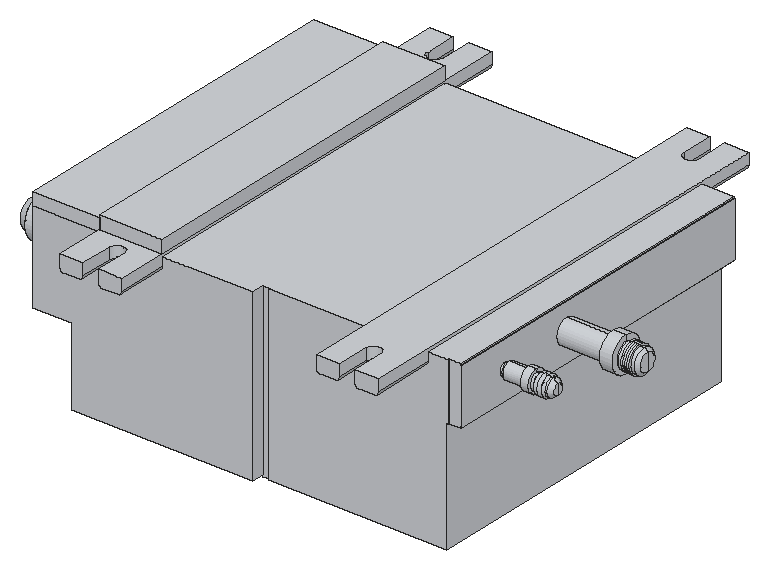
Revit family
Parameters (values of type "AXD-14K400*")
  URL = "http://www.samsungb2b.co.kr"
  Radius_TotalOutlet = Diameter_TotalOutlet * 0.5  # 9.55 mm
  Radius_TotalInlet = Diameter_TotalInlet * 0.5  # 4.75 mm
  Radius_Outlet2To4 = Diameter_Outlet2To4 * 0.5  # 3.2 mm
  Radius_Outlet1 = Diameter_Outlet1 * 0.5  # 3.2 mm
  Radius_Inlet2To4 = Diameter_Inlet2to4 * 0.5  # 6.35 mm
  Radius_Inlet1 = Diameter_Inlet1 * 0.5  # 6.35 mm
  Model = "AXD-14K400*"
  Manufacturer = "SAMSUNG ELECTRONICS CO., LTD."  # constant formula
  EHP-ACC_07 = "AXD-14K400"
  EHP-ACC_06 = ""
  EHP-ACC_05 = "분배 키트"
  EHP-ACC_04 = ""
  EHP-ACC_03 = "설치 액세서리"
  EHP-ACC_02 = 1
  EHP-ACC_01 = ""
  Diameter_TotalOutlet = 19.1 mm
  Diameter_TotalInlet = 9.5 mm
  Diameter_Outlet2To4 = 6.4 mm
  Diameter_Outlet1 = 6.4 mm
  Diameter_Inlet2to4 = 12.7 mm
  Diameter_Inlet1 = 12.7 mm
Types (3, lengths in mm): name | Radius_Outlet1 | Radius_Inlet1 | Model | EHP-ACC_07 | Diameter_Outlet1 | Diameter_Inlet1
  (no name) | 3.2 | 6.35 | "AXD-14K400*" | "AXD-14K400" | 6.4 | 12.7
  AXD-14K400* | 3.2 | 6.35 | "AXD-14K400*" | "AXD-14K400" | 6.4 | 12.7
  AXD-14K318* | 4.75 | 7.95 | "AXD-14K318*" | "AXD-14K318*" | 9.5 | 15.9
Reference planes
  plane 1 "Center (Front/Back)": y = 0
  plane 2: z = 0
  plane 3 "Center (Left/Right)": x = 0
  plane 4: z = 40.9
  plane 5: z = 100.9
  plane 6: z = 110.953
  plane 7: y = 48.287
  plane 8: y = -26.747
  plane 9: y = -86.747
  plane 10: y = 183.235
  plane 11: y = -176.765
  plane 12: y = -1.742
  plane 13: y = -51.771
  plane 14: y = -101.8
Forms (mm)
  Extrusion 1, solid
    sketch origin (0, 0, 0) x (1, 0, 0) y (0, 0, 1)
      loop
        line (-141.02, 0) -> (0, 0) -> (0, -1.064) -> (143.947, -1.064) -> (143.947, 87.007) -> (154.058, 87.007) -> (154.058, 87.805) -> (155.122, 87.805) -> (155.122, 130.909) -> (154.058, 130.909) -> (154.058, 131.973) -> (-171.086, 131.973) -> (-171.086, 60.931) -> (-141.02, 60.931) -> (-141.02, 0)
    from -137.7 to 137.7
  Extrusion 2, void
    sketch origin (0, 0, 0) x (1, 0, 0) y (0, 1, 0)
      loop
        line (-171.086, 96.18) -> (-135.432, 96.18) -> (-135.432, 134.229) -> (-131.973, 134.229) -> (-131.973, 137.7) -> (-171.086, 137.7) -> (-171.086, 96.18)
    from -123.406 to 362.076
  Extrusion 3, void
    sketch origin (0, 0, 0) x (1, 0, 0) y (0, 1, 0)
      loop
        line (0, -142.855) -> (156.575, -142.855) -> (156.575, -127.855) -> (145.011, -127.855) -> (145.011, -128.653) -> (5.055, -128.653) -> (5.055, -127.855) -> (0, -127.855) -> (0, -142.855)
    from -53.759 to 250
  Revolve 4, solid
    sketch origin (188.914, -26.747, 1200) x (-1, 0, 0) y (0, 0, 1)
      loop
        line (33.792, -1079.468) -> (-3.193, -1079.468) -> (-3.193, -1075.477) -> (-13.038, -1075.477) -> (-13.038, -1079.734) -> (-15.432, -1079.734) -> (-15.432, -1078.67) -> (-17.295, -1078.67) -> (-18.093, -1079.468) -> (-18.891, -1078.67) -> (-19.69, -1079.468) -> (-20.488, -1078.67) -> (-21.286, -1079.468) -> (-22.084, -1078.67) -> (-22.882, -1079.468) -> (-23.681, -1078.67) -> (-23.681, -1079.734) -> (-27.14, -1079.734) -> (-29.534, -1082.129) -> (-29.534, -1089.047) -> (33.792, -1089.047) -> (33.792, -1079.468)
      axis (33.792, -1089.047) -> (-29.534, -1089.047)
    angle from 0 to 360
  Revolve 5, solid
    sketch origin (196.896, -86.747, 1200) x (-1, 0, 0) y (0, 0, 1)
      loop
        line (41.774, -1084.257) -> (39.645, -1084.257) -> (37.512, -1082.65) -> (22.616, -1082.65) -> (22.616, -1080.532) -> (16.497, -1080.532) -> (16.497, -1082.395) -> (13.836, -1082.395) -> (12.772, -1081.33) -> (11.452, -1082.65) -> (9.856, -1081.053) -> (8.259, -1082.65) -> (6.662, -1081.052) -> (5.319, -1082.395) -> (3.193, -1082.395) -> (-0.053, -1085.118) -> (-0.053, -1089.047) -> (41.774, -1089.047) -> (41.774, -1084.257)
      axis (41.774, -1089.047) -> (-0.053, -1089.047)
    angle from 0 to 360
  Revolve 6, solid
    sketch origin (-185.987, 48.287, 1200) x (-1, 0, 0) y (0, 0, 1)
      loop
        line (-14.9, -1081.596) -> (-14.9, -1099.1) -> (16.762, -1099.1)
        arc (16.762, -1099.1) -> (16.298, -1097.243) -> (15.427, -1095.539) r 8.452
        line (15.427, -1095.539) -> (15.427, -1088.567) -> (9.614, -1085.605) -> (8.26, -1083.991) -> (0, -1083.991) -> (0, -1081.596) -> (-14.9, -1081.596)
      axis (16.762, -1099.1) -> (-14.9, -1099.1)
    angle from 0 to 360
  Extrusion 7, solid
    sketch origin (-202.576, -1.862, 1200) x (-1, 0, 0) y (0, 0, 1)
      loop
        line (-283.463, -1066.164) -> (-331.623, -1066.164) -> (-331.623, -1075.211)
        arc (-331.623, -1075.211) -> (-330.766, -1077.28) -> (-328.696, -1078.137) r 2.927
        line (-328.696, -1078.137) -> (-316.723, -1078.404)
        arc (-316.723, -1078.404) -> (-314.465, -1077.468) -> (-313.53, -1075.211) r 3.193
        line (-313.53, -1075.211) -> (-301.556, -1075.211)
        arc (-301.556, -1075.211) -> (-300.699, -1077.28) -> (-298.63, -1078.137) r 2.927
        line (-298.63, -1078.137) -> (-286.656, -1078.404)
        arc (-286.656, -1078.404) -> (-284.399, -1077.468) -> (-283.463, -1075.211) r 3.193
        line (-283.463, -1075.211) -> (-283.463, -1066.164)
    from -174.903 to 185.097
  Extrusion 8, void
    sketch origin (0, 0, 0) x (1, 0, 0) y (0, 1, 0)
      loop
        line (98.98, -189.025) -> (110.953, -189.025) -> (110.953, -151.802)
        arc (110.953, -151.802) -> (104.967, -145.815) -> (98.98, -151.802) r 5.987
        line (98.98, -151.802) -> (98.98, -189.025)
    from 0 to 250
  Extrusion 9, void
    sketch origin (0, 0, 0) x (1, 0, 0) y (0, 1, 0)
      loop
        arc (98.98, 158.176) -> (104.967, 152.189) -> (110.953, 158.176) r 5.987
        line (110.953, 158.176) -> (110.953, 194.153) -> (98.98, 194.153) -> (98.98, 158.176)
    from 0 to 250
  Extrusion 10, solid
    sketch origin (-402.376, -1.862, 1200) x (-1, 0, 0) y (0, 0, 1)
      loop
        line (-283.463, -1066.164) -> (-331.623, -1066.164) -> (-331.623, -1075.211)
        arc (-331.623, -1075.211) -> (-330.766, -1077.28) -> (-328.696, -1078.137) r 2.927
        line (-328.696, -1078.137) -> (-316.723, -1078.404)
        arc (-316.723, -1078.404) -> (-314.465, -1077.468) -> (-313.53, -1075.211) r 3.193
        line (-313.53, -1075.211) -> (-301.556, -1075.211)
        arc (-301.556, -1075.211) -> (-300.699, -1077.28) -> (-298.63, -1078.137) r 2.927
        line (-298.63, -1078.137) -> (-286.656, -1078.404)
        arc (-286.656, -1078.404) -> (-284.399, -1077.468) -> (-283.463, -1075.211) r 3.193
        line (-283.463, -1075.211) -> (-283.463, -1066.164)
    from -174.903 to 185.097
  Extrusion 11, void
    sketch origin (-199.8, 0, 0) x (1, 0, 0) y (0, 1, 0)
      loop
        line (98.98, -189.025) -> (110.953, -189.025) -> (110.953, -151.802)
        arc (110.953, -151.802) -> (104.967, -145.815) -> (98.98, -151.802) r 5.987
        line (98.98, -151.802) -> (98.98, -189.025)
    from 0 to 250
  Extrusion 12, void
    sketch origin (-199.8, 0, 0) x (1, 0, 0) y (0, 1, 0)
      loop
        arc (98.98, 158.176) -> (104.967, 152.189) -> (110.953, 158.176) r 5.987
        line (110.953, 158.176) -> (110.953, 194.153) -> (98.98, 194.153) -> (98.98, 158.176)
    from 0 to 250
  Extrusion 13, solid
    sketch origin (-202.576, -1.862, 1200) x (-1, 0, 0) y (0, 0, 1)
      loop
        line (-31.49, -1068.032) -> (-31.49, -1058.182) -> (-83.641, -1058.182) -> (-83.641, -1068.032) -> (-31.49, -1068.032)
    from -135.838 to 137.155
  Revolve 14, solid
    sketch origin (-185.987, 48.287, 1200) x (-1, 0, 0) y (0, 0, 1)
      loop
        line (-44.967, -1144.124) -> (-44.967, -1159.1) -> (-21.553, -1159.1)
        arc (-21.553, -1159.1) -> (-22.942, -1155.398) -> (-26.498, -1153.672) r 5.331
        line (-26.498, -1153.672) -> (-26.498, -1151.772) -> (-30.067, -1149.712) -> (-30.067, -1144.124) -> (-44.967, -1144.124)
      axis (-44.967, -1159.1) -> (-21.553, -1159.1)
    angle from 0 to 360
  Revolve 15, solid
    sketch origin (-185.987, -1.742, 1200) x (-1, 0, 0) y (0, 0, 1)
      loop
        line (-14.9, -1081.596) -> (-14.9, -1099.1) -> (16.762, -1099.1)
        arc (16.762, -1099.1) -> (16.298, -1097.243) -> (15.427, -1095.539) r 8.452
        line (15.427, -1095.539) -> (15.427, -1088.567) -> (9.614, -1085.605) -> (8.26, -1083.991) -> (0, -1083.991) -> (0, -1081.596) -> (-14.9, -1081.596)
      axis (16.762, -1099.1) -> (-14.9, -1099.1)
    angle from 0 to 360
  Revolve 16, solid
    sketch origin (-185.987, -1.742, 1200) x (-1, 0, 0) y (0, 0, 1)
      loop
        line (-44.967, -1144.124) -> (-44.967, -1159.1) -> (-21.553, -1159.1)
        arc (-21.553, -1159.1) -> (-22.942, -1155.398) -> (-26.498, -1153.672) r 5.331
        line (-26.498, -1153.672) -> (-26.498, -1151.772) -> (-30.067, -1149.712) -> (-30.067, -1144.124) -> (-44.967, -1144.124)
      axis (-44.967, -1159.1) -> (-21.553, -1159.1)
    angle from 0 to 360
  Revolve 17, solid
    sketch origin (-185.987, -51.771, 1200) x (-1, 0, 0) y (0, 0, 1)
      loop
        line (-14.9, -1081.596) -> (-14.9, -1099.1) -> (16.762, -1099.1)
        arc (16.762, -1099.1) -> (16.298, -1097.243) -> (15.427, -1095.539) r 8.452
        line (15.427, -1095.539) -> (15.427, -1088.567) -> (9.614, -1085.605) -> (8.26, -1083.991) -> (0, -1083.991) -> (0, -1081.596) -> (-14.9, -1081.596)
      axis (16.762, -1099.1) -> (-14.9, -1099.1)
    angle from 0 to 360
  Revolve 18, solid
    sketch origin (-185.987, -51.771, 1200) x (-1, 0, 0) y (0, 0, 1)
      loop
        line (-44.967, -1144.124) -> (-44.967, -1159.1) -> (-21.553, -1159.1)
        arc (-21.553, -1159.1) -> (-22.942, -1155.398) -> (-26.498, -1153.672) r 5.331
        line (-26.498, -1153.672) -> (-26.498, -1151.772) -> (-30.067, -1149.712) -> (-30.067, -1144.124) -> (-44.967, -1144.124)
      axis (-44.967, -1159.1) -> (-21.553, -1159.1)
    angle from 0 to 360
  Revolve 19, solid
    sketch origin (-185.987, -101.8, 1200) x (-1, 0, 0) y (0, 0, 1)
      loop
        line (-14.9, -1081.596) -> (-14.9, -1099.1) -> (16.762, -1099.1)
        arc (16.762, -1099.1) -> (16.298, -1097.243) -> (15.427, -1095.539) r 8.452
        line (15.427, -1095.539) -> (15.427, -1088.567) -> (9.614, -1085.605) -> (8.26, -1083.991) -> (0, -1083.991) -> (0, -1081.596) -> (-14.9, -1081.596)
      axis (16.762, -1099.1) -> (-14.9, -1099.1)
    angle from 0 to 360
  Revolve 20, solid
    sketch origin (-185.987, -101.8, 1200) x (-1, 0, 0) y (0, 0, 1)
      loop
        line (-44.967, -1144.124) -> (-44.967, -1159.1) -> (-21.553, -1159.1)
        arc (-21.553, -1159.1) -> (-22.942, -1155.398) -> (-26.498, -1153.672) r 5.331
        line (-26.498, -1153.672) -> (-26.498, -1151.772) -> (-30.067, -1149.712) -> (-30.067, -1144.124) -> (-44.967, -1144.124)
      axis (-44.967, -1159.1) -> (-21.553, -1159.1)
    angle from 0 to 360
  Extrusion 21, solid
    sketch origin (-185.987, 48.287, 1200) x (-1, 0, 0) y (0, 0, 1)
      loop
        line (-67.074, -1066.164) -> (-67.074, -1056.164) -> (-115.369, -1056.164) -> (-115.369, -1066.164) -> (-67.074, -1066.164)
    from -185.987 to 89.413
Cuts and joins
  Extrusion 2, Extrusion 3 cuts Extrusion 1
  Extrusion 8, Extrusion 9, Extrusion 11, Extrusion 12 cuts Extrusion 7
  Extrusion 11, Extrusion 12 cuts Extrusion 10
  joined: Extrusion 1, Extrusion 7, Extrusion 10
Dimensions and locks
  plane 4 to level = 40.9 mm
  plane 10 to plane 11 = 360 mm
  equal spacing: plane 7, plane 12, plane 13, plane 14
  Extrusion 13 to plane 14 = 35.9 mm
  plane 13 to plane 14 = 50.029 mm
  plane 5 to plane 4 = 60 mm
  plane 6 to level = 110.953 mm
  aligned and locked: plane 10 to Extrusion 7
  aligned and locked: plane 11 to Extrusion 7
  aligned and locked: Extrusion 13 to cut or joined group 1 (Extrusion 1, Extrusion 2, Extrusion 3, Extrusion 7, Extrusion 8, Extrusion 9, Extrusion 10, Extrusion 11, Extrusion 12)
  aligned and locked: cut or joined group 1 to Extrusion 21  (x2)
Automatic sketch dimensions
  Extrusion 1 sketch curve to level = 0 mm
  Extrusion 1 sketch curve to plane 3 "Center (Left/Right)" = 0 mm
  Extrusion 1 sketch curve to plane 3 "Center (Left/Right)" = 141.02 mm
  plane 6 to Extrusion 1 sketch curve = 21.02 mm
  Extrusion 1 sketch curve to Extrusion 1 sketch curve = 30.067 mm
  Extrusion 1 sketch curve to plane 5 = 13.893 mm
  plane 3 "Center (Left/Right)" to Extrusion 1 sketch curve = 143.947 mm
  Extrusion 1 sketch curve to Extrusion 1 sketch curve = 10.111 mm
  Extrusion 1 sketch curve to Extrusion 1 sketch curve = 0 mm
  Extrusion 1 sketch curve to Extrusion 1 sketch curve = 1.064 mm  (x2)
  Extrusion 1 sketch curve to level = 1.064 mm
  plane 4 to Extrusion 1 sketch curve = 20.031 mm
  Extrusion 1 sketch curve to Extrusion 1 sketch curve = 0.798 mm
  plane 7 to Extrusion 2 sketch curve = 47.894 mm
  Extrusion 2 sketch curve to plane 3 "Center (Left/Right)" = 171.086 mm
  Extrusion 2 sketch curve to Extrusion 2 sketch curve = 35.654 mm
  Extrusion 2 sketch curve to Extrusion 2 sketch curve = 3.459 mm
  Extrusion 2 sketch curve to Extrusion 2 sketch curve = 38.049 mm
  Extrusion 2 sketch curve to Extrusion 2 sketch curve = 3.471 mm
  Extrusion 3 sketch curve to plane 3 "Center (Left/Right)" = 0 mm
  plane 3 "Center (Left/Right)" to Extrusion 3 sketch curve = 5.055 mm
  Extrusion 3 sketch curve to plane 14 = 26.853 mm
  Extrusion 3 sketch curve to Extrusion 3 sketch curve = 139.956 mm
  Extrusion 3 sketch curve to Extrusion 3 sketch curve = 11.564 mm
  Extrusion 3 sketch curve to Extrusion 3 sketch curve = 14.202 mm
  Extrusion 3 sketch curve to Extrusion 3 sketch curve = 0.798 mm  (x2)
  Revolve 4 sketch curve to plane 6 = 0 mm  (x2)
  plane 3 "Center (Left/Right)" to Revolve 4 sketch curve = 223.752 mm
  Revolve 4 sketch curve to Revolve 4 sketch curve = 5.305 mm
  Revolve 4 sketch curve to Revolve 4 sketch curve = 2.395 mm  (x2)
  Revolve 4 sketch curve to Revolve 4 sketch curve = 3.459 mm  (x2)
  plane 6 to Revolve 4 sketch curve = 9.579 mm  (x5)
  Revolve 4 sketch curve to Revolve 4 sketch curve = 0.798 mm  (x2)
  plane 6 to Revolve 4 sketch curve = 10.377 mm  (x4)
  Revolve 4 sketch curve to Revolve 4 sketch curve = 1.863 mm
  Revolve 4 sketch curve to Revolve 4 sketch curve = 9.845 mm
  Revolve 4 sketch curve to Revolve 4 sketch curve = 36.984 mm
  Revolve 4 sketch curve to Revolve 4 sketch curve = 8.331 mm
  Revolve 4 sketch curve to Revolve 4 sketch curve = 1.064 mm
  Revolve 4 sketch curve to Revolve 4 sketch curve = 0.266 mm
  Revolve 4 sketch curve to Revolve 4 sketch curve = 3.991 mm
  Revolve 5 sketch curve to plane 6 = 0 mm  (x2)
  plane 3 "Center (Left/Right)" to Revolve 5 sketch curve = 221.73 mm
  Revolve 5 sketch curve to Revolve 5 sketch curve = 24.781 mm
  plane 6 to Revolve 5 sketch curve = 6.652 mm  (x2)
  Revolve 5 sketch curve to Revolve 5 sketch curve = 3.246 mm
  Revolve 5 sketch curve to Revolve 5 sketch curve = 2.126 mm
  plane 6 to Revolve 5 sketch curve = 7.995 mm
  Revolve 5 sketch curve to Revolve 5 sketch curve = 1.343 mm
  plane 6 to Revolve 5 sketch curve = 6.397 mm  (x3)
  plane 6 to Revolve 5 sketch curve = 7.993 mm
  plane 6 to Revolve 5 sketch curve = 7.716 mm
  Revolve 5 sketch curve to Revolve 5 sketch curve = 2.661 mm
  Revolve 5 sketch curve to Revolve 5 sketch curve = 6.12 mm
  Revolve 5 sketch curve to Revolve 5 sketch curve = 14.896 mm
  Revolve 5 sketch curve to Revolve 5 sketch curve = 2.133 mm
  Revolve 5 sketch curve to Revolve 5 sketch curve = 2.129 mm
  Revolve 5 sketch curve to Revolve 5 sketch curve = 10.111 mm
  plane 6 to Revolve 5 sketch curve = 3.928 mm
  Revolve 5 sketch curve to Revolve 5 sketch curve = 1.608 mm
  Revolve 5 sketch curve to Revolve 5 sketch curve = 1.863 mm
  Revolve 6 sketch curve to plane 5 = 0 mm  (x2)
  Revolve 6 sketch curve to plane 3 "Center (Left/Right)" = 154.275 mm
  plane 6 to Revolve 6 sketch curve = 7.45 mm
  Revolve 6 sketch curve to Revolve 6 sketch curve = 16.811 mm
  plane 6 to Revolve 6 sketch curve = 5.055 mm
  Revolve 6 sketch curve to Revolve 6 sketch curve = 14.9 mm
  Revolve 6 sketch curve to Revolve 6 sketch curve = 8.26 mm
  Revolve 6 sketch curve to plane 5 = 1.111 mm
  Revolve 6 sketch curve to Revolve 6 sketch curve = 0.125 mm
  plane 6 to Revolve 6 sketch curve = 3.441 mm
  Revolve 6 sketch curve to Revolve 6 sketch curve = 1.354 mm
  plane 5 to Revolve 6 sketch curve = 3.561 mm
  Revolve 6 sketch curve to Revolve 6 sketch curve = 7.043 mm
  Revolve 6 sketch curve to Revolve 6 sketch curve = 14.811 mm
  plane 6 to Revolve 6 sketch curve = 0.479 mm
  plane 6 to Extrusion 7 sketch curve = 22.882 mm
  plane 3 "Center (Left/Right)" to Extrusion 7 sketch curve = 129.047 mm
  Extrusion 7 sketch curve to Extrusion 7 sketch curve = 2.927 mm  (x2)
  plane 6 to Extrusion 7 sketch curve = 10.643 mm  (x2)
  Extrusion 7 sketch curve to Extrusion 7 sketch curve = 11.973 mm  (x3)
  Extrusion 7 sketch curve to Extrusion 7 sketch curve = 3.193 mm  (x2)
  plane 6 to Extrusion 7 sketch curve = 10.909 mm
  Extrusion 8 sketch curve to plane 11 = 24.963 mm
  plane 3 "Center (Left/Right)" to Extrusion 8 sketch curve = 98.98 mm
  Extrusion 8 sketch curve to Extrusion 8 sketch curve = 5.987 mm
  plane 11 to Extrusion 8 sketch curve = 12.26 mm
  Extrusion 9 sketch curve to plane 10 = 25.059 mm
  plane 3 "Center (Left/Right)" to Extrusion 9 sketch curve = 98.98 mm
  Extrusion 9 sketch curve to Extrusion 9 sketch curve = 5.987 mm
  plane 10 to Extrusion 9 sketch curve = 10.918 mm
  plane 6 to Extrusion 10 sketch curve = 22.882 mm
  Extrusion 10 sketch curve to plane 3 "Center (Left/Right)" = 70.753 mm
  Extrusion 10 sketch curve to Extrusion 10 sketch curve = 2.927 mm  (x2)
  plane 6 to Extrusion 10 sketch curve = 10.643 mm  (x2)
  Extrusion 10 sketch curve to Extrusion 10 sketch curve = 11.973 mm  (x3)
  Extrusion 10 sketch curve to Extrusion 10 sketch curve = 3.193 mm  (x2)
  plane 6 to Extrusion 10 sketch curve = 10.909 mm
  Extrusion 11 sketch curve to plane 11 = 24.963 mm
  Extrusion 11 sketch curve to plane 3 "Center (Left/Right)" = 100.82 mm
  Extrusion 11 sketch curve to Extrusion 11 sketch curve = 5.987 mm
  plane 11 to Extrusion 11 sketch curve = 12.26 mm
  Extrusion 12 sketch curve to plane 10 = 25.059 mm
  Extrusion 12 sketch curve to plane 3 "Center (Left/Right)" = 100.82 mm
  Extrusion 12 sketch curve to Extrusion 12 sketch curve = 5.987 mm
  plane 10 to Extrusion 12 sketch curve = 10.918 mm
  plane 6 to Extrusion 13 sketch curve = 21.014 mm
  Extrusion 13 sketch curve to plane 3 "Center (Left/Right)" = 118.936 mm
  Extrusion 13 sketch curve to Extrusion 13 sketch curve = 52.151 mm
  Extrusion 13 sketch curve to Extrusion 13 sketch curve = 9.851 mm
  Revolve 14 sketch curve to plane 4 = 0 mm  (x2)
  Revolve 14 sketch curve to plane 3 "Center (Left/Right)" = 123.086 mm
  Revolve 14 sketch curve to Revolve 14 sketch curve = 17.934 mm
  Revolve 14 sketch curve to Revolve 14 sketch curve = 14.9 mm
  plane 4 to Revolve 14 sketch curve = 0.111 mm
  Revolve 14 sketch curve to Revolve 14 sketch curve = 3.184 mm
  Revolve 14 sketch curve to Revolve 14 sketch curve = 3.568 mm
  Revolve 14 sketch curve to Revolve 14 sketch curve = 5.33 mm
  Revolve 14 sketch curve to Revolve 14 sketch curve = 9.926 mm
  Revolve 14 sketch curve to Revolve 14 sketch curve = 1.9 mm
  Revolve 14 sketch curve to Revolve 14 sketch curve = 2.06 mm
  Revolve 14 sketch curve to Revolve 14 sketch curve = 14.976 mm
  Revolve 15 sketch curve to plane 5 = 0 mm  (x2)
  Revolve 15 sketch curve to plane 3 "Center (Left/Right)" = 154.275 mm
  plane 6 to Revolve 15 sketch curve = 7.45 mm
  Revolve 15 sketch curve to Revolve 15 sketch curve = 16.811 mm
  plane 6 to Revolve 15 sketch curve = 5.055 mm
  Revolve 15 sketch curve to Revolve 15 sketch curve = 14.9 mm
  Revolve 15 sketch curve to Revolve 15 sketch curve = 8.26 mm
  Revolve 15 sketch curve to plane 5 = 1.111 mm
  Revolve 15 sketch curve to Revolve 15 sketch curve = 0.125 mm
  plane 6 to Revolve 15 sketch curve = 3.441 mm
  Revolve 15 sketch curve to Revolve 15 sketch curve = 1.354 mm
  plane 5 to Revolve 15 sketch curve = 3.561 mm
  Revolve 15 sketch curve to Revolve 15 sketch curve = 7.043 mm
  Revolve 15 sketch curve to Revolve 15 sketch curve = 14.811 mm
  plane 6 to Revolve 15 sketch curve = 0.479 mm
  Revolve 16 sketch curve to plane 4 = 0 mm  (x2)
  Revolve 16 sketch curve to plane 3 "Center (Left/Right)" = 123.086 mm
  Revolve 16 sketch curve to Revolve 16 sketch curve = 17.934 mm
  Revolve 16 sketch curve to Revolve 16 sketch curve = 14.9 mm
  plane 4 to Revolve 16 sketch curve = 0.111 mm
  Revolve 16 sketch curve to Revolve 16 sketch curve = 3.184 mm
  Revolve 16 sketch curve to Revolve 16 sketch curve = 3.568 mm
  Revolve 16 sketch curve to Revolve 16 sketch curve = 5.33 mm
  Revolve 16 sketch curve to Revolve 16 sketch curve = 9.926 mm
  Revolve 16 sketch curve to Revolve 16 sketch curve = 1.9 mm
  Revolve 16 sketch curve to Revolve 16 sketch curve = 2.06 mm
  Revolve 16 sketch curve to Revolve 16 sketch curve = 14.976 mm
  Revolve 17 sketch curve to plane 5 = 0 mm  (x2)
  Revolve 17 sketch curve to plane 3 "Center (Left/Right)" = 154.275 mm
  plane 6 to Revolve 17 sketch curve = 7.45 mm
  Revolve 17 sketch curve to Revolve 17 sketch curve = 16.811 mm
  plane 6 to Revolve 17 sketch curve = 5.055 mm
  Revolve 17 sketch curve to Revolve 17 sketch curve = 14.9 mm
  Revolve 17 sketch curve to Revolve 17 sketch curve = 8.26 mm
  Revolve 17 sketch curve to plane 5 = 1.111 mm
  Revolve 17 sketch curve to Revolve 17 sketch curve = 0.125 mm
  plane 6 to Revolve 17 sketch curve = 3.441 mm
  Revolve 17 sketch curve to Revolve 17 sketch curve = 1.354 mm
  plane 5 to Revolve 17 sketch curve = 3.561 mm
  Revolve 17 sketch curve to Revolve 17 sketch curve = 7.043 mm
  Revolve 17 sketch curve to Revolve 17 sketch curve = 14.811 mm
  plane 6 to Revolve 17 sketch curve = 0.479 mm
  Revolve 18 sketch curve to plane 4 = 0 mm  (x2)
  Revolve 18 sketch curve to plane 3 "Center (Left/Right)" = 123.086 mm
  Revolve 18 sketch curve to Revolve 18 sketch curve = 17.934 mm
  Revolve 18 sketch curve to Revolve 18 sketch curve = 14.9 mm
  plane 4 to Revolve 18 sketch curve = 0.111 mm
  Revolve 18 sketch curve to Revolve 18 sketch curve = 3.184 mm
  Revolve 18 sketch curve to Revolve 18 sketch curve = 3.568 mm
  Revolve 18 sketch curve to Revolve 18 sketch curve = 5.33 mm
  Revolve 18 sketch curve to Revolve 18 sketch curve = 9.926 mm
  Revolve 18 sketch curve to Revolve 18 sketch curve = 1.9 mm
  Revolve 18 sketch curve to Revolve 18 sketch curve = 2.06 mm
  Revolve 18 sketch curve to Revolve 18 sketch curve = 14.976 mm
  Revolve 19 sketch curve to plane 5 = 0 mm  (x2)
  Revolve 19 sketch curve to plane 3 "Center (Left/Right)" = 154.275 mm
  plane 6 to Revolve 19 sketch curve = 7.45 mm
  Revolve 19 sketch curve to Revolve 19 sketch curve = 16.811 mm
  plane 6 to Revolve 19 sketch curve = 5.055 mm
  Revolve 19 sketch curve to Revolve 19 sketch curve = 14.9 mm
  Revolve 19 sketch curve to Revolve 19 sketch curve = 8.26 mm
  Revolve 19 sketch curve to plane 5 = 1.111 mm
  Revolve 19 sketch curve to Revolve 19 sketch curve = 0.125 mm
  plane 6 to Revolve 19 sketch curve = 3.441 mm
  Revolve 19 sketch curve to Revolve 19 sketch curve = 1.354 mm
  plane 5 to Revolve 19 sketch curve = 3.561 mm
  Revolve 19 sketch curve to Revolve 19 sketch curve = 7.043 mm
  Revolve 19 sketch curve to Revolve 19 sketch curve = 14.811 mm
  plane 6 to Revolve 19 sketch curve = 0.479 mm
  Revolve 20 sketch curve to plane 4 = 0 mm  (x2)
  Revolve 20 sketch curve to plane 3 "Center (Left/Right)" = 123.086 mm
  Revolve 20 sketch curve to Revolve 20 sketch curve = 17.934 mm
  Revolve 20 sketch curve to Revolve 20 sketch curve = 14.9 mm
  plane 4 to Revolve 20 sketch curve = 0.111 mm
  Revolve 20 sketch curve to Revolve 20 sketch curve = 3.184 mm
  Revolve 20 sketch curve to Revolve 20 sketch curve = 3.568 mm
  Revolve 20 sketch curve to Revolve 20 sketch curve = 5.33 mm
  Revolve 20 sketch curve to Revolve 20 sketch curve = 9.926 mm
  Revolve 20 sketch curve to Revolve 20 sketch curve = 1.9 mm
  Revolve 20 sketch curve to Revolve 20 sketch curve = 2.06 mm
  Revolve 20 sketch curve to Revolve 20 sketch curve = 14.976 mm
  plane 6 to Extrusion 21 sketch curve = 22.882 mm
  Extrusion 21 sketch curve to plane 3 "Center (Left/Right)" = 70.618 mm
  Extrusion 21 sketch curve to Extrusion 21 sketch curve = 48.295 mm
  Extrusion 21 sketch curve to Extrusion 21 sketch curve = 10 mm
Connectors
  piping at (-201.414, 48.287, 100.9), driven by "Radius_Inlet1"
    settings: on Revolve 6, index 1
  piping at (-201.414, -1.742, 100.9), driven by "Radius_Inlet2To4"
    settings: on Revolve 15, index 2
  piping at (-201.414, -51.771, 100.9), driven by "Radius_Inlet2To4"
    settings: on Revolve 17, index 3
  piping at (-201.414, -101.8, 100.9), driven by "Radius_Inlet2To4"
    settings: on Revolve 19, index 4
  piping at (180.399, -86.747, 110.953), driven by "Radius_TotalInlet"
    settings: on Revolve 5, index 5
  piping at (-159.488, 48.287, 40.9), driven by "Radius_Outlet1"
    settings: on Revolve 14, index 6
  piping at (-159.488, -1.742, 40.9), driven by "Radius_Outlet2To4"
    settings: on Revolve 16, index 7
  piping at (-159.488, -51.771, 40.9), driven by "Radius_Outlet2To4"
    settings: on Revolve 18, index 8
  piping at (-159.488, -101.8, 40.9), driven by "Radius_Outlet2To4"
    settings: on Revolve 20, index 9
  piping at (201.951, -26.747, 110.953), driven by "Radius_TotalOutlet"
    settings: on Revolve 4, index 10
